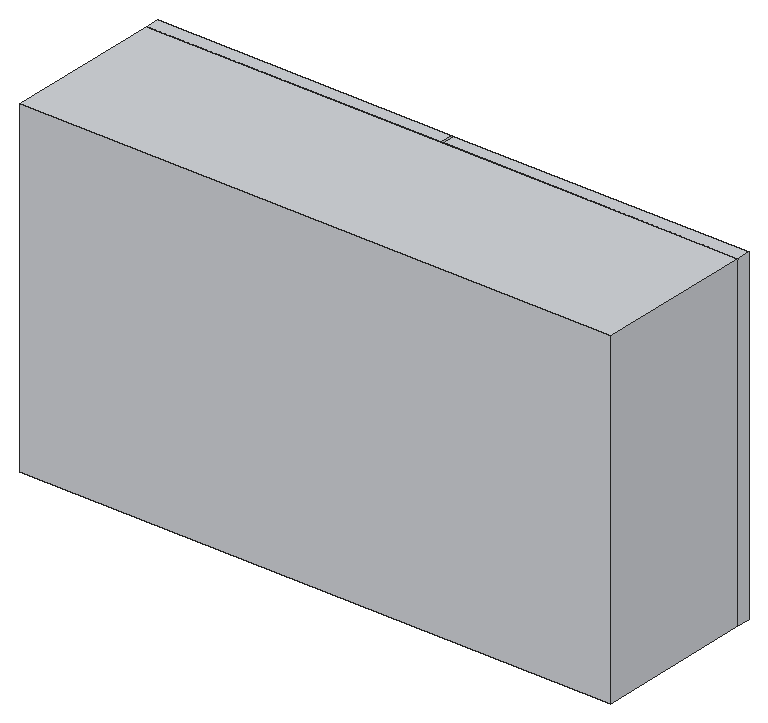
Revit family "Upper Cabinet - Double Door", category 케이스워크, Revit 2026
Family settings
  호스트 = 벽
  항상 수직 = 예
  로드될 때 보이드를 사용하여 절단 = 아니오
  공유 = 아니오
  룸 계산 점 = 아니오
Parameters (values of type "1000 x 557 x 290mm")
  폭 = 1000 mm
  기본 높이 = 0 mm
  Materiale = none
  제조업체 = "Revit"
  높이 = 557 mm
  Maniglia = none
  깊이 = 290 mm
  Assembly Code = ""
Types (6, lengths in mm): name | 폭 | 높이 | Assembly Code
  600 x 720 x 290mm | 600 | 720 | "C1030400"
  800 x 720 x 290mm | 800 | 720 | "C1030400"
  1000 x 720 x 290mm | 1000 | 720 | "C1030400"
  600 x 557 x 290mm | 600 | 557 | "C1030400"
  800 x 557 x 290mm | 800 | 557 | "C1030400"
  1000 x 557 x 290mm | 1000 | 557 | ""
Reference planes
  plane 1: y = 0
  plane 2 "Center (Left/Right)": x = 175
  plane 3 "Back": y = 75
  plane 4: z = 2039.786
  plane 5: z = 1482.786
  plane 6: x = 675
  plane 7: x = -325
  plane 8: y = 365
  plane 9: z = 1504.786
Forms (mm)
  Extrusion 1, solid, material <- "Materiale"
    sketch origin (0, 0, 0) x (1, 0, 0) y (0, 1, 0)
      loop
        line (-325, 343) -> (-325, 75) -> (675, 75) -> (675, 343) -> (653, 343) -> (653, 97) -> (-303, 97) -> (-303, 343) -> (-325, 343)
    from 1482.786 to 2017.786
  Extrusion 2, solid, material <- "Materiale"
    sketch origin (0, 0, 2017.786) x (1, 0, 0) y (0, 1, 0)
      loop
        line (-325, 343) -> (-325, 75) -> (675, 75) -> (675, 343) -> (-325, 343)
    from 0 to 22
  Extrusion 3, solid, material <- "Materiale"
    sketch origin (0, 0, 1319.786) x (1, 0, 0) y (0, 1, 0)
      loop
        line (-325, 343) -> (-325, 75) -> (675, 75) -> (675, 343) -> (-325, 343)
    from 185 to 163
  Extrusion 4, solid, material <- "Materiale"
    sketch origin (675, 343, 2017.786) x (0, 0, -1) y (-1, 0, 0)
      loop
        line (-22, 0) -> (535, 0) -> (535, 498) -> (-22, 498) -> (-22, 0)
      loop
        line (-22, 1000) -> (-22, 502) -> (535, 502) -> (535, 1000) -> (-22, 1000)
    from 0 to 22
Cuts and joins
  joined: Extrusion 1, Extrusion 2, Extrusion 3
Text (mm)
  text "Placement side" at (-1343.702, 674.496, 0), in view "Ref. Level"
  text "Placement side" at (0, 1232.041, 2958.779), in view "Left"
  text "Placement side" at (0, 590.385, 3035.99), in view "Right"
Dimensions and locks
  locked: plane 3 "Back" to host wall at 0
  "깊이": plane 3 "Back" to plane 8
  equal spacing: plane 7, plane 2 "Center (Left/Right)", plane 6
  "높이": plane 5 to plane 4
  "폭": plane 6 to plane 7
  locked: plane 5 to plane 9 at 22
  locked: plane 5 to nested 1 at 59
  locked: Extrusion 4 sketch curve to Extrusion 4 sketch curve at 4
  equal spacing: plane 6, nested 1, plane 2 "Center (Left/Right)"
  equal spacing: plane 2 "Center (Left/Right)", nested 2, plane 7
  locked: plane 5 to nested 2 at 47
  aligned and locked: plane 1 to host wall
  aligned and locked: Extrusion 1 sketch curve to plane 7
  aligned and locked: plane 6 to Extrusion 1 sketch curve
  aligned and locked: plane 3 "Back" to Extrusion 1 sketch curve
  aligned and locked: Extrusion 2 to plane 4
  aligned and locked: Extrusion 1 to Extrusion 2
  aligned and locked: Extrusion 1 to Extrusion 3
  aligned and locked: plane 8 to nested 1
  aligned and locked: Extrusion 3 to plane 9
  aligned and locked: plane 5 to cut or joined group of Extrusion 1, Extrusion 2, Extrusion 3
  aligned and locked: Extrusion 4 sketch curve to plane 5
  aligned and locked: plane 5 to Extrusion 4 sketch curve
  aligned and locked: plane 4 to Extrusion 4 sketch curve
  aligned and locked: Extrusion 4 sketch curve to plane 4
  aligned and locked: Extrusion 4 sketch curve to plane 7
  aligned and locked: Extrusion 4 sketch curve to plane 6
Automatic sketch dimensions
  plane 7 to Extrusion 1 sketch curve = 22 mm
  Extrusion 1 sketch curve to plane 6 = 22 mm
  host wall to Extrusion 1 sketch curve = 22 mm
  plane 8 to Extrusion 1 sketch curve = 22 mm  (x2)
  Extrusion 2 sketch curve to host wall = 0 mm
  Extrusion 2 sketch curve to plane 7 = 0 mm
  Extrusion 2 sketch curve to plane 6 = 0 mm
  plane 8 to Extrusion 2 sketch curve = 22 mm
  Extrusion 3 sketch curve to host wall = 0 mm
  Extrusion 3 sketch curve to plane 7 = 0 mm
  Extrusion 3 sketch curve to plane 6 = 0 mm
  plane 8 to Extrusion 3 sketch curve = 22 mm
  Extrusion 4 sketch curve to plane 2 "Center (Left/Right)" = 2 mm
Nested families
  nested 1: "Casework Handle" at (699.877, 388, 1529.786), type "220 x 23mm"
  nested 2: "Casework Handle" at (199.877, 388, 1529.786), type "220 x 23mm"
Definition of nested family "Casework Handle"
  Parameters
    Default Elevation = 0 mm
    Material = none
  Reference planes
    plane 1 "Center (Front/Back)": y = 0
    plane 2: z = 0
    plane 3 "Center (Left/Right)": x = -274.877
    plane 4: x = -384.877
    plane 5: x = -164.877
    plane 6: y = 23
    plane 7: z = 12
  Forms (mm)
    Sweep 1, solid, material <- "Material"
      path origin (0, 0, 0) x (1, 0, 0) y (0, 1, 0)
        loop
          line (-384.877, 23) -> (-384.877, 2.5)
          arc (-384.877, 2.5) -> (-384.145, 0.732) -> (-382.377, 0) r 2.5
          line (-382.377, 0) -> (-167.377, 0)
          arc (-167.377, 0) -> (-165.609, 0.732) -> (-164.877, 2.5) r 2.5
          line (-164.877, 2.5) -> (-164.877, 23)
      profile origin (0, 12.75, 0) x (1, 0, 0) y (0, 0, 1)
        loop
          line (-384.877, 0) -> (-382.877, 0) -> (-382.877, 12) -> (-384.877, 12) -> (-384.877, 0)
    Extrusion 2, solid, material <- "Material"
      sketch origin (0, 0, 0) x (1, 0, 0) y (0, 1, 0)
        loop
          arc (-382.877, 2.5) -> (-382.731, 2.146) -> (-382.377, 2) r 0.5
          line (-382.377, 2) -> (-167.377, 2)
          arc (-167.377, 2) -> (-167.023, 2.146) -> (-166.877, 2.5) r 0.5
          line (-166.877, 2.5) -> (-166.877, 23) -> (-382.877, 23) -> (-382.877, 2.5)
      from 2.765 to 9.254
  Dimensions and locks
    equal spacing: plane 4, plane 3 "Center (Left/Right)", plane 5
